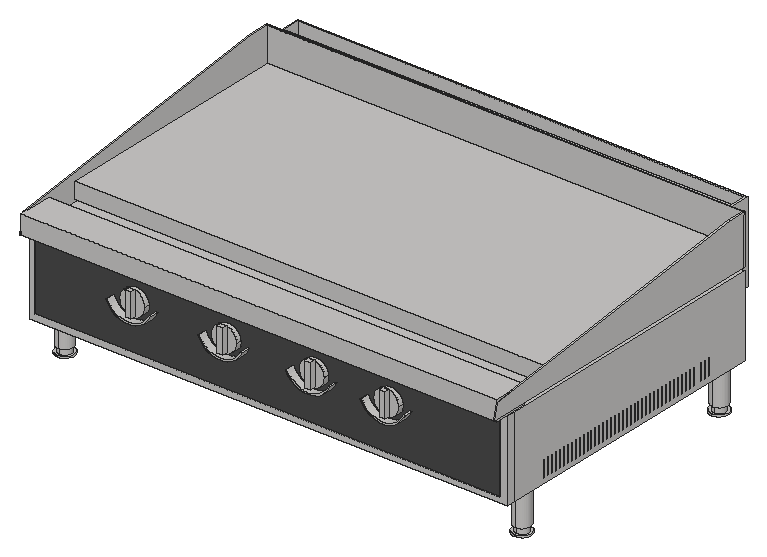
Revit family "QF_Vollrath_948GGM", category Specialty Equipment, Revit 2016 (continued)
Automatic sketch dimensions
  Sweep 66 sketch curve to profile plane = 0.00"
  Sweep 66 sketch curve to profile plane = 0.14592"
  Sweep 66 sketch curve to Sweep 66 sketch curve = 0.83484"
  Sweep 67 sketch curve to Sweep 67 sketch curve = 2.25"  (x2)
  profile plane to Sweep 67 sketch curve = 0.00"
  Sweep 67 sketch curve to profile plane = 0.00"
  Sweep 67 sketch curve to Sweep 67 sketch curve = 0.14592"
  Sweep 67 sketch curve to Sweep 67 sketch curve = 0.83484"
  Extrusion 68 sketch curve to plane 29 = 0.00"
  Extrusion 68 sketch curve to plane 13 = 0.00"
  Extrusion 68 sketch curve to plane 9 "BACK" = 0.00"
  Extrusion 68 sketch curve to plane 13 = 1.73189"
  Extrusion 68 sketch curve to Extrusion 68 sketch curve = 0.14311"
  plane 29 to Extrusion 68 sketch curve = 0.15725"
  plane 14 to Extrusion 68 sketch curve = 1.49734"
  Extrusion 68 sketch curve to Extrusion 68 sketch curve = 0.12234"
  Extrusion 69 sketch curve to plane 29 = 0.00"
  Extrusion 69 sketch curve to plane 9 "BACK" = 0.00"
  Extrusion 69 sketch curve to plane 13 = 1.875"
  plane 14 to Extrusion 69 sketch curve = 1.375"
  Extrusion 70 sketch curve to plane 25 = 0.00"
  Extrusion 70 sketch curve to plane 13 = 2.00"
  plane 24 to Extrusion 77 sketch curve = 1.44225"
  Extrusion 77 sketch curve to plane 25 = 4.18647"
  Extrusion 78 sketch curve to Extrusion 78 sketch curve = 1.25"
  Extrusion 79 sketch curve to Extrusion 79 sketch curve = 0.55267"
  profile plane to Sweep 80 sketch curve = 0.00"
  Sweep 80 sketch curve to profile plane = 0.00"
  Sweep 80 sketch curve to Sweep 80 sketch curve = 0.14592"
  Sweep 80 sketch curve to Sweep 80 sketch curve = 0.83484"
  Extrusion 90 sketch curve to Extrusion 90 sketch curve = 1.25"
  Extrusion 91 sketch curve to Extrusion 91 sketch curve = 0.55267"
  Sweep 92 sketch curve to Sweep 92 sketch curve = 2.25"  (x2)
  profile plane to Sweep 92 sketch curve = 0.00"
  Sweep 92 sketch curve to profile plane = 0.00"
  Sweep 92 sketch curve to Sweep 92 sketch curve = 0.14592"
  Sweep 92 sketch curve to Sweep 92 sketch curve = 0.83484"
  Extrusion 28 sketch curve to Extrusion 28 sketch curve = 2.42552"
  Extrusion 30 sketch curve to Extrusion 30 sketch curve = 2.42552"
  Sweep 66 sketch curve to Sweep 66 sketch curve = 2.25"  (x2)
  Sweep 66 sketch curve to Sweep 66 sketch curve = 1.04671"
  Sweep 67 sketch curve to Sweep 67 sketch curve = 1.04671"
  Extrusion 79 sketch curve to Extrusion 79 sketch curve = 2.42552"
  Sweep 80 sketch curve to Sweep 80 sketch curve = 2.25"  (x2)
  Sweep 80 sketch curve to Sweep 80 sketch curve = 1.04671"
  Extrusion 91 sketch curve to Extrusion 91 sketch curve = 2.42552"
  Sweep 92 sketch curve to Sweep 92 sketch curve = 1.04671"
  Extrusion 93 sketch curve to Extrusion 93 sketch curve = 1.25"
  Extrusion 94 sketch curve to Extrusion 94 sketch curve = 0.55267"
  Extrusion 95 sketch curve to Extrusion 95 sketch curve = 1.25"
  Extrusion 96 sketch curve to Extrusion 96 sketch curve = 0.55267"
  profile plane to Sweep 97 sketch curve = 0.00"
  Sweep 97 sketch curve to profile plane = 0.00"
  Sweep 97 sketch curve to profile plane = 0.14592"
  Sweep 97 sketch curve to Sweep 97 sketch curve = 0.83484"
  Sweep 98 sketch curve to Sweep 98 sketch curve = 2.25"  (x2)
  profile plane to Sweep 98 sketch curve = 0.00"
  Sweep 98 sketch curve to profile plane = 0.00"
  Sweep 98 sketch curve to Sweep 98 sketch curve = 0.14592"
  Sweep 98 sketch curve to Sweep 98 sketch curve = 0.83484"
  Extrusion 99 sketch curve to Extrusion 99 sketch curve = 1.25"
  Extrusion 100 sketch curve to Extrusion 100 sketch curve = 0.55267"
  profile plane to Sweep 101 sketch curve = 0.00"
  Sweep 101 sketch curve to profile plane = 0.00"
  Sweep 101 sketch curve to Sweep 101 sketch curve = 0.14592"
  Sweep 101 sketch curve to Sweep 101 sketch curve = 0.83484"
  Extrusion 102 sketch curve to Extrusion 102 sketch curve = 1.25"
  Extrusion 103 sketch curve to Extrusion 103 sketch curve = 0.55267"
  Sweep 104 sketch curve to Sweep 104 sketch curve = 2.25"  (x2)
  profile plane to Sweep 104 sketch curve = 0.00"
  Sweep 104 sketch curve to profile plane = 0.00"
  Sweep 104 sketch curve to Sweep 104 sketch curve = 0.14592"
  Sweep 104 sketch curve to Sweep 104 sketch curve = 0.83484"
  Extrusion 94 sketch curve to Extrusion 94 sketch curve = 2.42552"
  Extrusion 96 sketch curve to Extrusion 96 sketch curve = 2.42552"
  Sweep 97 sketch curve to Sweep 97 sketch curve = 2.25"  (x2)
  Sweep 97 sketch curve to Sweep 97 sketch curve = 1.04671"
  Sweep 98 sketch curve to Sweep 98 sketch curve = 1.04671"
  Extrusion 100 sketch curve to Extrusion 100 sketch curve = 2.42552"
  Sweep 101 sketch curve to Sweep 101 sketch curve = 2.25"  (x2)
  Sweep 101 sketch curve to Sweep 101 sketch curve = 1.04671"
  Extrusion 103 sketch curve to Extrusion 103 sketch curve = 2.42552"
  Sweep 104 sketch curve to Sweep 104 sketch curve = 1.04671"
  Extrusion 27 sketch curve to Extrusion 27 sketch curve = 0.00"  (x2)
  Extrusion 29 sketch curve to Extrusion 29 sketch curve = 0.00"  (x2)
  Extrusion 78 sketch curve to Extrusion 78 sketch curve = 0.00"  (x2)
  Extrusion 90 sketch curve to Extrusion 90 sketch curve = 0.00"  (x2)
  Extrusion 93 sketch curve to Extrusion 93 sketch curve = 0.00"  (x2)
  Extrusion 95 sketch curve to Extrusion 95 sketch curve = 0.00"  (x2)
  Extrusion 99 sketch curve to Extrusion 99 sketch curve = 0.00"  (x2)
  Extrusion 102 sketch curve to Extrusion 102 sketch curve = 0.00"  (x2)
  Extrusion 21 sketch curve to Extrusion 21 sketch curve = 0.50247"
  Extrusion 21 sketch curve to Extrusion 21 sketch curve = 46.75"
  Extrusion 21 sketch curve to Extrusion 21 sketch curve = 0.74753"
  Extrusion 21 sketch curve to Extrusion 21 sketch curve = 0.59949"
  Extrusion 21 sketch curve to Extrusion 21 sketch curve = 6.92869"
  Extrusion 21 sketch curve to Extrusion 21 sketch curve = 0.53182"
  Extrusion 24 sketch curve to Extrusion 24 sketch curve = 8.92327"
  Extrusion 24 sketch curve to Extrusion 24 sketch curve = 6.75"
  Extrusion 24 sketch curve to Extrusion 24 sketch curve = 6.25666"
  Extrusion 24 sketch curve to Extrusion 24 sketch curve = 9.82673"
  Extrusion 24 sketch curve to Extrusion 24 sketch curve = 4.76279"  (x2)
  Extrusion 24 sketch curve to Extrusion 24 sketch curve = 0.00"  (x10)
  Extrusion 24 sketch curve to Extrusion 24 sketch curve = 6.92869"
  plane 25 to curve 21 = 0.00"
  plane 25 to curve 20 = 0.00"
  plane 24 to curve 20 = 0.00"
  plane 24 to curve 21 = 0.00"
  plane 14 to curve 18 = 2.875"
  curve 18 to curve 19 = 3.90"
  radius of Extrusion 31 sketch curve = 0.25"
  radius of Extrusion 32 sketch curve = 0.25"
  radius of Extrusion 33 sketch curve = 0.25"
  radius of Extrusion 34 sketch curve = 0.25"
  radius of Extrusion 35 sketch curve = 0.25"
  radius of Extrusion 36 sketch curve = 0.25"
  radius of Extrusion 37 sketch curve = 0.25"
  radius of Extrusion 38 sketch curve = 0.25"
  radius of Extrusion 39 sketch curve = 0.25"
  radius of Extrusion 40 sketch curve = 0.25"
  radius of Extrusion 41 sketch curve = 0.25"
  radius of Extrusion 42 sketch curve = 0.25"
  radius of Extrusion 43 sketch curve = 0.25"
  radius of Extrusion 44 sketch curve = 0.25"
  radius of Extrusion 45 sketch curve = 0.25"
  radius of Extrusion 46 sketch curve = 0.25"
  radius of Extrusion 47 sketch curve = 0.25"
  radius of Extrusion 48 sketch curve = 0.25"
  radius of Extrusion 49 sketch curve = 0.25"
  radius of Extrusion 50 sketch curve = 0.25"
  radius of Extrusion 51 sketch curve = 0.25"
  radius of Extrusion 52 sketch curve = 0.25"
  radius of Extrusion 53 sketch curve = 0.25"
  radius of Extrusion 54 sketch curve = 0.25"
  radius of Extrusion 55 sketch curve = 0.25"
  radius of Extrusion 56 sketch curve = 0.25"
  radius of Extrusion 57 sketch curve = 0.25"
  radius of Extrusion 58 sketch curve = 0.25"
  radius of Extrusion 59 sketch curve = 0.25"
  radius of Extrusion 60 sketch curve = 0.25"
  radius of Extrusion 61 sketch curve = 0.25"
  radius of Extrusion 62 sketch curve = 0.25"
  radius of Extrusion 63 sketch curve = 0.25"
  radius of Extrusion 64 sketch curve = 0.25"
  radius of Extrusion 65 sketch curve = 0.25"
  radius of Extrusion 1 sketch curve = 0.9375"
  radius of Extrusion 2 sketch curve = 0.625"
  radius of Extrusion 3 sketch curve = 0.8125"
  radius of Extrusion 4 sketch curve = 0.9375"
  radius of Extrusion 5 sketch curve = 0.625"
  radius of Extrusion 6 sketch curve = 0.8125"
  radius of Extrusion 7 sketch curve = 0.9375"
  radius of Extrusion 8 sketch curve = 0.625"
  radius of Extrusion 9 sketch curve = 0.8125"
  radius of Extrusion 10 sketch curve = 0.9375"
  radius of Extrusion 11 sketch curve = 0.625"
  radius of Extrusion 12 sketch curve = 0.8125"
  radius of Extrusion 18 sketch curve = 0.375"
Connectors (in)
  piping at (5.77924, -0.5, 41.5), diameter 0.75
    settings: on Extrusion 18, index 1, connector inside diameter 3/4", connector length 0.00", flow factor 0, pipe flow 0 GPM, pressure drop 0.00 psi, fitting loss kfactor 0, connector angle 0.00°, fixture units 0, engagement length 0.00", angle of deflection 0.00°, flow configuration 1, flow direction 1, fitting loss method 0, system type 22, joint type 0, gender type 0, connector reference index -1, connector utility 0, adjustable connector no, is connector primary yes, connector description "Gas Connection"
